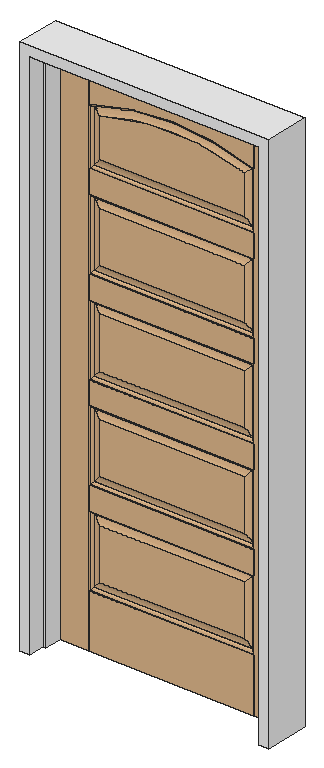
Revit family
Parameters (values of type "1 3/4" Raised Panel")
  URL = "http://www.karonadoor.com"
  Thickness Note = "Do not edit thickness."  # constant formula
  Thickness = 1.774"
  Swing Angle 2D = 90.00°
  SmartBIM Object Version = 1  # constant formula
  SmartBIM Object Created By = "Reed Construction Data"  # constant formula
  Rough Width = 0.000"
  Rough Height = 1.750"
  Panel = Panel_A3050_Karona : 1 3/4" Raised
  Model = "A3050 Ovolo"  # constant formula
  Manufacturer = "Karona , Inc."  # constant formula
  Door Panel = Wood, Cherry - Grain Vertical
  Detail Door Thickness = 1.750"
  Assembly Code = ""
  Top Rail Height = 5.000"
  Top Rail = Wood, Cherry - Grain Horizontal
  Stile Width = 5.063"
  Stile = Wood, Cherry - Grain Vertical
  Sticking = Wood, Cherry - Grain Vertical
  Middle Rail = Wood, Cherry - Grain Horizontal
  Height = 84.000"
  Wall Closure = (empty or 0)
  Width = 36.000"
  Frame = Metal
  Bottom Rail Height = 8.500"
  Bottom Rail = Wood, Cherry - Grain Horizontal
  95 CSI = "08210"  # constant formula
  04 CSI = "08 14 33"  # constant formula
Types (9): name | Thickness | Rough Height | Panel | Door Panel | Detail Door Thickness
  1 3/4" Flat Panel | 1.774" | 1.750" | Panel_A3050_Karona : 1 3/4" - Flat Panel | Wood, Cherry - Grain Vertical | 1.750"
  1 3/8" Flat Panel | 1.334" | 0.000" | Panel_A3050_Karona : 1 3/8" - Flat Panel | Wood, Cherry - Grain Vertical | 1.375"
  2 1/4" Flat Panel | 2.250" | 0.000" | Panel_A3050_Karona : 2 1/4" - Flat Panel | Wood, Cherry - Grain Vertical | 2.250"
  1 3/4" Glass Panel | 1.774" | 1.750" | Panel_A3050_Karona : 1 3/4" - Glass Panel | Glass | 1.750"
  1 3/8" Glass Panel | 1.334" | 0.000" | Panel_A3050_Karona : 1 3/8" - Glass Panel | Glass | 1.375"
  2 1/4" Glass Panel | 2.250" | 0.000" | Panel_A3050_Karona : 2 1/4" - Glass | Glass | 2.250"
  1 3/4" Raised Panel | 1.774" | 1.750" | Panel_A3050_Karona : 1 3/4" Raised | Wood, Cherry - Grain Vertical | 1.750"
  1 3/8" Raised Panel | 1.334" | 0.000" | Panel_A3050_Karona : 1 3/8"Raised | Wood, Cherry - Grain Vertical | 1.375"
  2 1/4" Raised Panel | 2.250" | 0.000" | Panel_A3050_Karona : 2 1/4" Raised | Wood, Cherry - Grain Vertical | 2.250"
Reference planes (in)
  plane 1 "Center (Front/Back)": y = 0
  plane 2 "Center (Left/Right)": x = 0
  plane 3 "Left": x = -18
  plane 4 "Right": x = 18
  plane 5 "Top": z = 84
  plane 6 "Exterior Edge of Frame": y = 2.334
  plane 7 "Interior Edge of Frame": y = -4.666
  plane 8: y = 0.56
  plane 9: y = -2.166
  plane 10 "Opening Left": x = -19.5
  plane 11 "Opening Right": x = 19.5
  plane 12 "Top of Opening": z = 85.5
  plane 13: x = -17.5
Forms (in)
  Sweep 1, solid, material "Metal" <- "Frame"
    path origin (0, 0, 0) x (1, 0, 0) y (0, 0, 1)
      loop
        line (-19.5, 0) -> (-19.5, 85.5) -> (19.5, 85.5) -> (19.5, 0)
    profile origin (-19.5, 0, 42.75) x (-1, 0, 0) y (0, -1, 0)
      loop
        line (0, -2.334) -> (0, 4.666) -> (-1.5, 4.666) -> (-1.5, 2.166) -> (-2, 2.166) -> (-2, -0.56) -> (-1.5, -0.56) -> (-1.5, -2.334) -> (0, -2.334)
Lines and regions (in)
  Opening 1
    outline origin (-90, -4.166, 0) x (1, 0, 0) y (0, 0, 1)
      loop
        line (70.5, 0) -> (109.5, 0) -> (109.5, 85.5) -> (70.5, 85.5) -> (70.5, 0)
  symbolic lines, style "Elevation Swing"
    curve 1: line (18, 1.834, 0) -> (-18, 1.834, 42)
    curve 2: line (-18, 1.834, 42) -> (18, 1.834, 84)
Text (in)
  text "Exterior" at (-46.13199, -14.93641, 0), in view "Ref. Level"
  text "Interior" at (-46.13199, 29.36774, 0), in view "Ref. Level"
  text "Exterior" at (0, 40.15149, 123.01588), in view "Right"
  text "Interior" at (0, -64.39139, 123.01588), in view "Right"
  text "Interior" at (0, -31.01599, 123.00693), in view "Left"
  text "Exterior" at (0, 54.57065, 123.00693), in view "Left"
Dimensions and locks (in)
  "Height": level to plane 5 "Top"
  "Width": plane 3 "Left" to plane 4 "Right"
  equal spacing: host wall, curve 2, plane 5 "Top"
  locked: host wall to plane 7 "Interior Edge of Frame" at 0.5
  locked: plane 6 "Exterior Edge of Frame" to host wall at 0.5
  locked: plane 9 to plane 7 "Interior Edge of Frame" at 2.5
  "Thickness": plane 6 "Exterior Edge of Frame" to plane 8
  equal spacing: plane 3 "Left", plane 2 "Center (Left/Right)", plane 4 "Right"
  locked: plane 4 "Right" to plane 11 "Opening Right" at 1.5
  locked: plane 5 "Top" to plane 12 "Top of Opening" at 1.5
  locked: plane 3 "Left" to plane 13 at 0.5
  locked: plane 10 "Opening Left" to plane 3 "Left" at 1.5
  aligned and locked: Opening 1 sketch curve to level
  aligned and locked: plane 4 "Right" to curve 1
  aligned and locked: plane 3 "Left" to curve 1
  aligned and locked: plane 5 "Top" to curve 2
  aligned and locked: Opening 1 sketch curve to plane 11 "Opening Right"
  aligned and locked: plane 12 "Top of Opening" to Opening 1 sketch curve
  aligned and locked: Opening 1 sketch curve to plane 10 "Opening Left"
  aligned and locked: plane 10 "Opening Left" to Sweep 1 sketch curve
  aligned and locked: plane 12 "Top of Opening" to Sweep 1 sketch curve
  aligned and locked: plane 11 "Opening Right" to Sweep 1 sketch curve
  aligned and locked: level to Sweep 1 sketch curve  (x2)
  aligned and locked: Sweep 1 sketch curve to plane 10 "Opening Left"
  aligned and locked: Sweep 1 sketch curve to plane 6 "Exterior Edge of Frame"
  aligned and locked: Sweep 1 sketch curve to plane 7 "Interior Edge of Frame"
  aligned and locked: Sweep 1 sketch curve to plane 8
  aligned and locked: Sweep 1 sketch curve to plane 9
  aligned and locked: plane 13 to Sweep 1 sketch curve
  aligned and locked: plane 3 "Left" to Sweep 1 sketch curve  (x2)
  aligned and locked: nested 2 to plane 3 "Left"
  aligned and locked: nested 2 to plane 8
  aligned and locked: nested 1 to plane 6 "Exterior Edge of Frame"
Automatic sketch dimensions
  curve 1 to level = 0.000"
  curve 2 to plane 4 "Right" = 0.000"
Nested families (in)
  nested 1: "Panel_A3050_Karona" at (-13.5, 0.45519, -1) x (-1, 0, 0) z (0, 0, 1), type <- "Panel", type "1 3/4" Raised"
  nested 2: "Door Panel Plan View" at (-31.5, 0.56, 0) x (-1, 0, 0) z (0, 0, 1), type "Door Panel Plan View"
    with Thickness 1.750", Height 84.000"
Definition of nested family "Panel_A3050_Karona"
  Parameters (values of type "1 3/4" Raised")
    Width = 36.000"
    Top Rail Material = Wood, Cherry - Grain Horizontal
    Top Rail Height = 5.000"
    Thickness Note = "Do not change door thickness"  # constant formula
    Thickness = 1.774"
    Stile Width = 5.063"
    Stile Material = Wood, Cherry - Grain Vertical
    Sticking Material = Wood, Cherry - Grain Vertical
    Radius Vertical Center = 38.92188" + Top Rail Height  # 43.92188"
    Radius = 33.63672"  # constant formula
    Panel Width = Width - (2 * Stile Width)  # 25.874"
    Panel Height = (Height - (Bottom Rail + Top Rail Height + (4 * Middle Strip Width))) / 5  # 11.200"
    Panel = Glass-Sticking-Assembly-Ovolo_Karona : Raised Panel
    Middle Strip Width = 3.625"
    Height = 84.000"
    Door Panel Material = Wood, Cherry - Grain Vertical
    Default Elevation = 0.000"  # constant formula
    Bottom Rail Material = Wood, Cherry - Grain Horizontal
    Bottom Rail = 8.500"
    Assembly Code = ""
    Arch Panel = Glass-Sticking-Arched-Assembly-Ovolo_Karona : Raised Panel
  Types (9): name | Top Rail Height | Thickness | Radius Vertical Center | Panel Height | Panel | Arch Panel
    1 3/8"Raised | 5.00013" | 1.375" | 43.922" | 11.19998" | Glass-Sticking-Assembly-Ovolo_Karona : Raised Panel | Glass-Sticking-Arched-Assembly-Ovolo_Karona : Raised Panel
    2 1/4" Raised | 5.00013" | 2.250" | 43.922" | 11.19998" | Glass-Sticking-Assembly-Ovolo_Karona : Raised Panel | Glass-Sticking-Arched-Assembly-Ovolo_Karona : Raised Panel
    1 3/4" Raised | 5.000" | 1.774" | 43.92188" | 11.200" | Glass-Sticking-Assembly-Ovolo_Karona : Raised Panel | Glass-Sticking-Arched-Assembly-Ovolo_Karona : Raised Panel
    1 3/8" - Flat Panel | 5.00013" | 1.774" | 43.922" | 11.19998" | Glass-Sticking-Assembly-Ovolo_Karona : Flat Panel | Glass-Sticking-Arched-Assembly-Ovolo_Karona : Glass Panel
    1 3/8" - Glass Panel | 5.00013" | 1.375" | 43.922" | 11.19998" | Glass-Sticking-Assembly-Ovolo_Karona : Glass Panel | Glass-Sticking-Arched-Assembly-Ovolo_Karona : Glass Panel
    1 3/4" - Glass Panel | 5.00013" | 1.750" | 43.922" | 11.19998" | Glass-Sticking-Assembly-Ovolo_Karona : Glass Panel | Glass-Sticking-Arched-Assembly-Ovolo_Karona : Glass Panel
    1 3/4" - Flat Panel | 5.00013" | 1.774" | 43.922" | 11.19998" | Glass-Sticking-Assembly-Ovolo_Karona : Flat Panel | Glass-Sticking-Arched-Assembly-Ovolo_Karona : Glass Panel
    2 1/4" - Glass | 5.00013" | 2.250" | 43.922" | 11.19998" | Glass-Sticking-Assembly-Ovolo_Karona : Glass Panel | Glass-Sticking-Arched-Assembly-Ovolo_Karona : Glass Panel
    2 1/4" - Flat Panel | 5.00013" | 2.250" | 43.922" | 11.19998" | Glass-Sticking-Assembly-Ovolo_Karona : Flat Panel | Glass-Sticking-Arched-Assembly-Ovolo_Karona : Glass Panel
  Reference planes (in)
    plane 1 "Center (Front/Back)": y = 0.99181
    plane 2: z = 1
    plane 3 "Center (Left/Right)": x = -13.5
    plane 4 "Left": x = -31.5
    plane 5: x = 4.5
    plane 6 "Inner Left": x = -26.437
    plane 7: x = -15.3125
    plane 8 "Inner Right": x = -0.563
    plane 9: x = -11.6875
    plane 10: z = 9.5
    plane 11 "Bottom Of Top Rail": z = 80
    plane 12 "Top": z = 85
    plane 13 "Interior Edge of Door": y = 1.87881
    plane 14 "Exterior Edge of Door": y = 0.10481
    plane 15 "Bottom of Glass": y = 0.9095
    plane 16: x = -20.87475
    plane 17: x = -6.12525
    plane 18: z = 66.9875
    plane 19: z = 37.3375
    plane 20: z = 22.5125
    plane 21: z = 65.175
    plane 22: z = 68.8
    plane 23: z = 35.525
    plane 24: z = 39.15
    plane 25: z = 24.325
    plane 26: z = 20.7
    plane 27: z = 53.975
    plane 28: z = 52.1625
    plane 29: z = 50.35
    plane 30 "Radius Vertical Center": z = 41.07812
  Forms (in)
    Extrusion 1, solid, material "Wood, Cherry - Grain Horizontal" <- "Bottom Rail Material"
      sketch origin (0, -101.3125, 8.83203) x (1, 0, 0) y (0, 0, 1)
        loop
          line (-26.437, -7.83203) -> (-0.563, -7.83203) -> (-0.563, 0.66797) -> (-26.437, 0.66797) -> (-26.437, -7.83203)
      from -103.19131 to -101.41731
    Extrusion 2, solid, material "Wood, Cherry - Grain Vertical" <- "Stile Material"
      sketch origin (0, 0.99181, 8.83203) x (1, 0, 0) y (0, 0, 1)
        loop
          line (-31.5, 76.16797) -> (-31.5, -7.83203) -> (-26.437, -7.83203) -> (-26.437, 76.16797) -> (-31.5, 76.16797)
        loop
          line (-0.563, -7.83203) -> (4.5, -7.83203) -> (4.5, 76.16797) -> (-0.563, 76.16797) -> (-0.563, -7.83203)
      from -0.887 to 0.887
    Extrusion 3, solid, material "Wood, Cherry - Grain Horizontal" <- "Bottom Rail Material"
      sketch origin (0, 0.99181, -18.16797) x (1, 0, 0) y (0, 0, 1)
        loop
          line (-26.437, 86.96797) -> (-26.437, 83.34297) -> (-0.563, 83.34297) -> (-0.563, 86.96797) -> (-26.437, 86.96797)
        loop
          line (-26.437, 57.31797) -> (-26.437, 53.69297) -> (-0.563, 53.69297) -> (-0.563, 57.31797) -> (-26.437, 57.31797)
        loop
          line (-26.437, 42.49297) -> (-26.437, 38.86797) -> (-0.563, 38.86797) -> (-0.563, 42.49297) -> (-26.437, 42.49297)
        loop
          line (-0.563, 72.14297) -> (-26.437, 72.14297) -> (-26.437, 68.51797) -> (-0.563, 68.51797) -> (-0.563, 72.14297)
      from -0.887 to 0.887
    Extrusion 4, solid, material "Wood, Cherry - Grain Horizontal" <- "Top Rail Material"
      sketch origin (0, 0.99181, 0) x (1, 0, 0) y (0, 0, 1)
        loop
          line (-26.437, 85) -> (-26.437, 77.78834)
          arc (-26.437, 77.78834) -> (-13.5, 80.0012) -> (-0.563, 77.78834) r 38.92308
          line (-0.563, 77.78834) -> (-0.563, 85) -> (-26.437, 85)
      from -0.887 to 0.887
  Lines and regions (in)
    symbolic lines, style "InvisibleLines"
      curve 1: line (-13.5, 1.87881, 85) -> (-13.5, 0.10481, 85)
  Text (in)
    text "EXTERIOR" at (-34.59289, -1.27941, 0), in view "Ref. Level"
    text "EXTERIOR" at (0, -9.65287, 72.76687), in view "Left"
    text "EXTERIOR" at (0, -33.33473, 96.68074), in view "Right"
  Dimensions and locks (in)
    equal spacing: plane 4 "Left", plane 3 "Center (Left/Right)", plane 5
    "Width": plane 4 "Left" to plane 5
    "Stile Width": plane 4 "Left" to plane 6 "Inner Left"
    "Stile Width": plane 5 to plane 8 "Inner Right"
    "Middle Strip Width": plane 9 to plane 7
    equal spacing: plane 9, plane 3 "Center (Left/Right)", plane 7
    "Bottom Rail": plane 10 to plane 2
    "Top Rail Height": plane 12 "Top" to plane 11 "Bottom Of Top Rail"
    "Height": plane 12 "Top" to plane 2
    equal spacing: plane 13 "Interior Edge of Door", plane 1 "Center (Front/Back)", plane 14 "Exterior Edge of Door"
    "Thickness": plane 13 "Interior Edge of Door" to plane 14 "Exterior Edge of Door"
    locked: plane 15 "Bottom of Glass" to plane 14 "Exterior Edge of Door" at 0.80469
    equal spacing: plane 7, plane 16, plane 6 "Inner Left"
    equal spacing: plane 8 "Inner Right", plane 17, plane 9
    equal spacing: plane 25, plane 20, plane 26
    "Middle Strip Width": plane 25 to plane 26
    equal spacing: plane 24, plane 19, plane 23
    "Middle Strip Width": plane 24 to plane 23
    equal spacing: plane 22, plane 18, plane 21
    "Middle Strip Width": plane 22 to plane 21
    "Panel Height": plane 11 "Bottom Of Top Rail" to plane 22
    "Panel Height": plane 23 to plane 25
    equal spacing: plane 27, plane 28, plane 29
    "Panel Height": plane 29 to plane 24
    "Middle Strip Width": plane 27 to plane 29
    "Panel Height": plane 21 to plane 27
    "Radius Vertical Center": plane 12 "Top" to plane 30 "Radius Vertical Center"
    plane 26 to plane 10 = 11.200"
    radius of Extrusion 4 sketch curve = 38.92308"
    aligned and locked: Extrusion 1 to plane 2
    aligned and locked: plane 13 "Interior Edge of Door" to Extrusion 1
    aligned and locked: plane 4 "Left" to Extrusion 2 sketch curve
    aligned and locked: Extrusion 2 sketch curve to plane 12 "Top"
    aligned and locked: Extrusion 2 sketch curve to Extrusion 1  (x3)
    aligned and locked: Extrusion 1 to Extrusion 2 sketch curve
    aligned and locked: plane 12 "Top" to Extrusion 2 sketch curve
    aligned and locked: plane 5 to Extrusion 2 sketch curve
    aligned and locked: plane 13 "Interior Edge of Door" to Extrusion 2
    aligned and locked: Extrusion 2 to plane 14 "Exterior Edge of Door"
    aligned and locked: Extrusion 1 to Extrusion 2
    aligned and locked: Extrusion 2 to plane 8 "Inner Right"
    aligned and locked: plane 22 to Extrusion 3 sketch curve
    aligned and locked: plane 21 to Extrusion 3 sketch curve
    aligned and locked: Extrusion 3 sketch curve to plane 8 "Inner Right"
    aligned and locked: plane 6 "Inner Left" to Extrusion 3 sketch curve  (x3)
    aligned and locked: plane 24 to Extrusion 3 sketch curve
    aligned and locked: Extrusion 2 to Extrusion 3 sketch curve  (x2)
    aligned and locked: plane 23 to Extrusion 3 sketch curve
    aligned and locked: plane 25 to Extrusion 3 sketch curve
    aligned and locked: plane 26 to Extrusion 3 sketch curve
    aligned and locked: plane 13 "Interior Edge of Door" to Extrusion 3
    aligned and locked: Extrusion 3 to plane 14 "Exterior Edge of Door"
    aligned and locked: level to plane 2
    aligned and locked: Extrusion 3 to plane 25
    aligned and locked: plane 25 to nested 1
    aligned and locked: plane 3 "Center (Left/Right)" to nested 2
    aligned and locked: plane 3 "Center (Left/Right)" to nested 1
    aligned and locked: curve 1 to Extrusion 1
    aligned and locked: curve 1 to plane 3 "Center (Left/Right)"
    aligned and locked: Extrusion 3 to plane 6 "Inner Left"
    aligned and locked: plane 8 "Inner Right" to Extrusion 3 sketch curve
    aligned and locked: plane 27 to Extrusion 3 sketch curve
    aligned and locked: Extrusion 3 to plane 21
    aligned and locked: Extrusion 3 to plane 29
    aligned and locked: plane 27 to Extrusion 3
    aligned and locked: Extrusion 3 to plane 22
    aligned and locked: plane 3 "Center (Left/Right)" to nested 3
    aligned and locked: plane 5 to Extrusion 2
    aligned and locked: Extrusion 2 to level  (x2)
    aligned and locked: Extrusion 1 to level
    aligned and locked: plane 4 "Left" to Extrusion 2
    aligned and locked: plane 12 "Top" to Extrusion 2  (x2)
    aligned and locked: Extrusion 4 sketch curve to plane 12 "Top"
    aligned and locked: Extrusion 4 sketch curve to plane 8 "Inner Right"
    aligned and locked: Extrusion 4 sketch curve to plane 6 "Inner Left"
    aligned and locked: plane 30 "Radius Vertical Center" to Extrusion 4 sketch curve
    aligned and locked: plane 3 "Center (Left/Right)" to Extrusion 4 sketch curve
    aligned and locked: plane 13 "Interior Edge of Door" to Extrusion 4
    aligned and locked: Extrusion 4 to plane 14 "Exterior Edge of Door"
    aligned and locked: nested 4 to plane 10
    aligned and locked: plane 3 "Center (Left/Right)" to nested 4
    aligned and locked: plane 24 to nested 2
    aligned and locked: nested 3 to plane 27
    aligned and locked: nested 3 to nested 2
    aligned and locked: nested 4 to plane 1 "Center (Front/Back)"
    aligned and locked: nested 1 to plane 1 "Center (Front/Back)"
    aligned and locked: nested 2 to plane 1 "Center (Front/Back)"
    aligned and locked: plane 3 "Center (Left/Right)" to nested 5
    aligned and locked: plane 22 to nested 5
    aligned and locked: nested 5 to plane 1 "Center (Front/Back)"
  Automatic sketch dimensions
    Extrusion 1 sketch curve to plane 6 "Inner Left" = 0.000"
    Extrusion 1 sketch curve to plane 8 "Inner Right" = 0.000"
    Extrusion 1 sketch curve to level = 0.000"
    Extrusion 1 sketch curve to plane 10 = 0.000"
    Extrusion 3 sketch curve to plane 6 "Inner Left" = 0.000"
    Extrusion 3 sketch curve to plane 29 = 0.000"
    curve 1 to plane 14 "Exterior Edge of Door" = 0.000"
  Nested families (in)
    nested 1: "Glass-Sticking-Assembly-Ovolo_Karona" at (-13.96875, 1.14231, 24.325), Width <- "Panel Width", Height <- "Panel Height", type <- "Panel", type "Raised Panel"
      with Width 25.874", Height 11.200"
    nested 2: "Glass-Sticking-Assembly-Ovolo_Karona" at (-13.96875, 1.14231, 39.15), Width <- "Panel Width", Height <- "Panel Height", type <- "Panel", type "Raised Panel"
      with Width 25.874", Height 11.200"
    nested 3: "Glass-Sticking-Assembly-Ovolo_Karona" at (-13.96875, 1.14231, 53.975), Width <- "Panel Width", Height <- "Panel Height", type <- "Panel", type "Raised Panel"
      with Width 25.874", Height 11.200"
    nested 4: "Glass-Sticking-Assembly-Ovolo_Karona" at (-13.96875, 1.14231, 9.5), Width <- "Panel Width", Height <- "Panel Height", type <- "Panel", type "Raised Panel"
      with Width 25.874", Height 11.200"
    nested 5: "Glass-Sticking-Arched-Assembly-Ovolo_Karona" at (-13.96875, 1.14231, 68.8), Height <- "Panel Height", Width <- "Panel Width", type <- "Arch Panel", type "Raised Panel"
      with Width 25.874", Radius 38.922", Height 11.200", Drop 2.21293", Curve Adjustment 38.922"
  Definition of nested family "Glass-Sticking-Assembly-Ovolo_Karona"
    Parameters (values of type "Raised Panel")
      Width [instance] = 4.000"
      Vertical Profile Offset = if(Glass Panel, 0.473", 0.050")  # 0.050"
      Stop Adjustment = if(and(not(Glass Panel), Door Thickness = 1.774"), 0.513", if(and(not(Glass Panel), Door Thickness = 2.250"), 0.513", if((Glass Panel), 0.125", 0.273")))  # 0.513"
      Profile = Wood, Cherry - Grain Vertical
      Height [instance] = 23.000"
      Raised Panel = yes
      Interior Panel = Wood, Cherry - Grain Vertical
      Glass Panel = no
      Door Thickness = 1.774"
      C = if(Door Thickness = 1.774", 0.197", if(Door Thickness = 2.250", 0.437", 0.106"))  # 0.197"
      B = if(Door Thickness = 1.774", 0.567", if(Door Thickness = 2.250", 0.803", 0.469"))  # 0.567"
      Assembly Code = ""
      A = if(Door Thickness = 1.774", 0.195", if(Door Thickness = 2.250", 0.431", 0.108"))  # 0.195"
    Types (3): name | Width | Vertical Profile Offset | Stop Adjustment | Raised Panel | Glass Panel
      Glass Panel | 5.000" | 0.473" | 0.125" | no | yes
      Flat Panel | 4.500" | 0.050" | 0.513" | no | no
      Raised Panel | 4.000" | 0.050" | 0.513" | yes | no
    Reference planes (in)
      plane 1 "Stop Adjustment Edge": y = -0.3455
      plane 2: z = 0
      plane 3 "Center (Left/Right)": x = 0.46875
      plane 4 "Back": y = 0.7365
      plane 5 "Front": y = -1.0375
      plane 6 "Left": x = -1.53125
      plane 7 "Right": x = 2.46875
      plane 8 "Top": z = 23
      plane 9 "Center (Up/Down)": z = 11.5
      plane 10 "Bottom of Stop": y = 0.1675
      plane 11 "Bottom of Glass": y = -0.4705
      plane 12 "Right Edge of Glass": x = 2.41875
      plane 13 "Left Edge of Glass": x = -1.48125
      plane 14 "Top Edge of Glass": z = 22.90625
      plane 15 "Bottom Edge of Glass": z = 0.09375
      plane 16: x = 2.34375
      plane 17 "A": y = -0.8425
      plane 18 "C": y = 0.5395
      plane 19 "Bottom Cut Line": z = 0.438
      plane 20 "Top Cut Line": z = 22.562
      plane 21 "Cut Vertical Left": x = -1.09325
      plane 22 "Cut Vertical": x = 2.03075
      plane 23 "Center (Front/Back)": y = -0.1505
    Forms (in)
      Sweep 1, solid, material "Wood, Cherry - Grain Vertical" <- "Profile"
        path origin (0, -0.3455, 0) x (1, 0, 0) y (0, 0, 1)
          loop
            line (2.46875, 23) -> (-1.53125, 23) -> (-1.53125, 0) -> (2.46875, 0) -> (2.46875, 23)
        profile origin (2.46875, -0.3455, 11.5) x (0, -1, 0) y (1, 0, 0)
          loop
            line (-0.885, 0) -> (-0.885, -0.438) -> (-0.513, -0.438) -> (-0.513, -0.05) -> (0.125, -0.05) -> (0.125, -0.44588)
            arc (0.125, -0.44588) -> (0.40126, -0.29929) -> (0.492, 0) r 0.40707
            line (0.492, 0) -> (-0.885, 0)
      Extrusion 2, solid, material "Wood, Cherry - Grain Vertical" <- "Interior Panel"
        sketch origin (0, 0, 0) x (1, 0, 0) y (0, 1, 0)
          loop
            line (-1.48125, 0.1675) -> (-1.48125, -0.4705) -> (2.41875, -0.4705) -> (2.41875, 0.1675) -> (-1.48125, 0.1675)
        from 0.09375 to 22.90625
      Extrusion 3, solid, material "Wood, Cherry - Grain Vertical" <- "Profile", visible <- "Raised Panel"
        sketch origin (0, 0, 0) x (1, 0, 0) y (0, 1, 0)
          loop
            line (2.03075, 0.5395) -> (-1.09325, 0.5395) -> (-1.09325, 0.1675) -> (2.03075, 0.1675) -> (2.03075, 0.5395)
          loop
            line (-1.09325, -0.4705) -> (-1.09325, -0.8425) -> (2.03075, -0.8425) -> (2.03075, -0.4705) -> (-1.09325, -0.4705)
        from 0.438 to 22.562
      Sweep 4, void
        path origin (0, 0.1675, 0) x (-1, 0, 0) y (0, 0, 1)
          loop
            line (1.53125, 0) -> (1.53125, 23) -> (-2.46875, 23) -> (-2.46875, 0) -> (1.53125, 0)
        profile "Profile : 05" origin (-1.53125, 0.1675, 11.5) x (1, 0, 0) y (0, 1, 0)
          loop
            line (0, 0.05) -> (0.36169, 0.05096)
            arc (0.36169, 0.05096) -> (1.01257, 0.13642) -> (1.61934, 0.387) r 2.52143
            line (1.61934, 0.387) -> (0, 0.387) -> (0, 0.05)
      Sweep 5, void
        path origin (0, -0.4705, 0) x (-1, 0, 0) y (0, 0, 1)
          loop
            line (-2.46875, 23) -> (-2.46875, 0) -> (1.53125, 0) -> (1.53125, 23) -> (-2.46875, 23)
        profile "Profile : 05" origin (2.46875, -0.4705, 11.5) x (-1, 0, 0) y (0, 1, 0)
          loop
            line (0, -0.05) -> (0, -0.387) -> (1.61934, -0.387)
            arc (1.61934, -0.387) -> (1.01257, -0.13642) -> (0.36169, -0.05096) r 2.52143
            line (0.36169, -0.05096) -> (0, -0.05)
      Sweep 6, void
        path origin (0, 0.5395, 0) x (1, 0, 0) y (0, 0, 1)
          loop
            line (-1.09325, 0.438) -> (2.03075, 0.438) -> (2.03075, 22.562) -> (-1.09325, 22.562) -> (-1.09325, 0.438)
        profile "QuarterCircleCut : QuarterCircleCut" origin (2.03075, 0.5395, 11.5) x (-1, 0, 0) y (0, -1, 0)
          loop
            arc (0.35, 0) -> (0.10251, 0.10251) -> (0, 0.35) r 0.35
            line (0, 0.35) -> (0, 0) -> (0.35, 0)
    Cuts and joins
      Sweep 4, Sweep 5 cuts Extrusion 3
      Sweep 6 cuts Sweep 1
    Text (in)
      text "INTERIOR" at (-14.3788, 3.49864, 0), in view "Ref. Level"
    Dimensions and locks (in)
      equal spacing: plane 6 "Left", plane 3 "Center (Left/Right)", plane 7 "Right"
      "Width": plane 6 "Left" to plane 7 "Right"
      "Door Thickness": plane 4 "Back" to plane 5 "Front"
      "Height": plane 8 "Top" to plane 2
      equal spacing: plane 8 "Top", plane 9 "Center (Up/Down)", level
      locked: plane 1 "Stop Adjustment Edge" to plane 11 "Bottom of Glass" at 0.125
      "Stop Adjustment": plane 10 "Bottom of Stop" to plane 1 "Stop Adjustment Edge"
      locked: plane 12 "Right Edge of Glass" to plane 7 "Right" at 0.05
      locked: plane 8 "Top" to plane 14 "Top Edge of Glass" at 0.09375
      locked: plane 15 "Bottom Edge of Glass" to level at 0.09375
      locked: plane 6 "Left" to plane 13 "Left Edge of Glass" at 0.05
      "B": plane 5 "Front" to plane 11 "Bottom of Glass"
      locked: plane 16 to plane 7 "Right" at 0.125
      "A": plane 5 "Front" to plane 17 "A"
      "C": plane 18 "C" to plane 4 "Back"
      plane 4 "Back" to Sweep 1 = 0.569"
      locked: plane 19 "Bottom Cut Line" to level at 0.438
      locked: plane 8 "Top" to plane 20 "Top Cut Line" at 0.438
      locked: plane 6 "Left" to plane 21 "Cut Vertical Left" at 0.438
      locked: plane 22 "Cut Vertical" to plane 7 "Right" at 0.438
      equal spacing: plane 4 "Back", plane 23 "Center (Front/Back)", plane 5 "Front"
      aligned and locked: Sweep 1 sketch curve to plane 7 "Right"
      aligned and locked: Sweep 1 sketch curve to plane 8 "Top"
      aligned and locked: Sweep 1 sketch curve to plane 6 "Left"
      aligned and locked: Sweep 1 sketch curve to level
      aligned and locked: plane 10 "Bottom of Stop" to Sweep 1 sketch curve
      aligned and locked: plane 11 "Bottom of Glass" to Sweep 1 sketch curve
      aligned and locked: Extrusion 2 sketch curve to plane 13 "Left Edge of Glass"
      aligned and locked: Extrusion 2 sketch curve to plane 10 "Bottom of Stop"
      aligned and locked: Extrusion 2 sketch curve to plane 11 "Bottom of Glass"
      aligned and locked: Extrusion 2 sketch curve to plane 12 "Right Edge of Glass"
      aligned and locked: plane 14 "Top Edge of Glass" to Extrusion 2
      aligned and locked: Extrusion 2 to plane 15 "Bottom Edge of Glass"
      aligned and locked: Extrusion 3 sketch curve to plane 18 "C"
      aligned and locked: Extrusion 3 sketch curve to plane 10 "Bottom of Stop"
      aligned and locked: Extrusion 3 sketch curve to plane 11 "Bottom of Glass"
      aligned and locked: Extrusion 3 sketch curve to plane 17 "A"
      aligned and locked: Extrusion 3 to plane 19 "Bottom Cut Line"
      aligned and locked: Extrusion 3 to plane 20 "Top Cut Line"
      aligned and locked: plane 12 "Right Edge of Glass" to Sweep 1 sketch curve
      aligned and locked: plane 22 "Cut Vertical" to Extrusion 3 sketch curve  (x2)
      aligned and locked: Extrusion 3 sketch curve to plane 21 "Cut Vertical Left"  (x2)
      aligned and locked: plane 22 "Cut Vertical" to Sweep 1 sketch curve
      aligned and locked: Sweep 5 sketch curve to plane 6 "Left"
      aligned and locked: plane 8 "Top" to Sweep 5 sketch curve
      aligned and locked: Sweep 5 sketch curve to plane 7 "Right"
      aligned and locked: level to Sweep 5 sketch curve
      aligned and locked: Sweep 4 sketch curve to plane 7 "Right"
      aligned and locked: plane 8 "Top" to Sweep 4 sketch curve
      aligned and locked: Sweep 4 sketch curve to plane 6 "Left"
      aligned and locked: level to Sweep 4 sketch curve
      aligned and locked: plane 18 "C" to Sweep 1 sketch curve
      aligned and locked: Sweep 6 sketch curve to plane 21 "Cut Vertical Left"
      aligned and locked: plane 22 "Cut Vertical" to Sweep 6 sketch curve
      aligned and locked: Sweep 6 sketch curve to plane 19 "Bottom Cut Line"
      aligned and locked: plane 20 "Top Cut Line" to Sweep 6 sketch curve
    Automatic sketch dimensions
      Sweep 1 sketch curve to Sweep 1 sketch curve = 0.03804"
      Sweep 1 sketch curve to Sweep 1 sketch curve = 0.367"
      plane 16 to Sweep 1 sketch curve = 0.32088"
      Sweep 1 sketch curve to profile plane = 0.000"
  Definition of nested family "Glass-Sticking-Arched-Assembly-Ovolo_Karona"
    Parameters (values of type "Flat Panel")
      Width [instance] = 25.000"
      Vertical Profile Offset = if(Glass Panel, 0.473", 0.050")  # 0.050"
      Stop Adjustment = if(and(not(Glass Panel), Door Thickness = 1.774"), 0.513", if(and(not(Glass Panel), Door Thickness = 2.250"), 0.513", if((Glass Panel), 0.125", 0.273")))  # 0.513"
      Radius [instance] = 38.922"  # constant formula
      Profile = Wood, Cherry - Grain Vertical
      Height [instance] = 17.875"
      Raised Panel = no
      Interior Panel = Wood, Cherry - Grain Vertical
      Glass Panel = no
      Drop [instance] = Radius - (sqrt((Radius ^ 2) - ((0.5 * Width) ^ 2)))  # 2.06183"
      Door Thickness = 2.250"
      Curve Adjustment [instance] = Height - (Height - Radius)  # 38.922"
      C = if(Door Thickness = 1.774", 0.197", if(Door Thickness = 2.250", 0.437", 0.106"))  # 0.437"
      B = if(Door Thickness = 1.774", 0.567", if(Door Thickness = 2.250", 0.803", 0.469"))  # 0.803"
      Assembly Code = ""
      A = if(Door Thickness = 1.774", 0.195", if(Door Thickness = 2.250", 0.431", 0.108"))  # 0.431"
    Types (3): name | Width | Vertical Profile Offset | Stop Adjustment | Raised Panel | Glass Panel | Drop | Door Thickness | C | B | A
      Glass Panel | 19.000" | 0.473" | 0.125" | no | yes | 1.17717" | 1.774" | 0.197" | 0.567" | 0.195"
      Flat Panel | 25.000" | 0.050" | 0.513" | no | no | 2.06183" | 2.250" | 0.437" | 0.803" | 0.431"
      Raised Panel | 19.000" | 0.050" | 0.513" | yes | no | 1.17717" | 1.774" | 0.197" | 0.567" | 0.195"
    Reference planes (in)
      plane 1 "Stop Adjustment Edge": y = -0.3455
      plane 2: z = 0
      plane 3 "Center (Left/Right)": x = 0.46875
      plane 4 "Back": y = 0.9765
      plane 5 "Front": y = -1.2735
      plane 6 "Left": x = -12.03125
      plane 7 "Right": x = 12.96875
      plane 8 "Top": z = 17.875
      plane 9 "Center (Up/Down)": z = 8.9375
      plane 10 "Bottom of Stop": y = 0.1675
      plane 11 "Bottom of Glass": y = -0.4705
      plane 12 "Right Edge of Glass": x = 12.91875
      plane 13 "Left Edge of Glass": x = -11.98125
      plane 14 "Top Edge of Glass": z = 17.78125
      plane 15 "Bottom Edge of Glass": z = 0.09375
      plane 16: x = 12.84375
      plane 17 "A": y = -0.8425
      plane 18 "C": y = 0.5395
      plane 19 "Bottom Cut Line": z = 0.438
      plane 20 "Top Cut Line": z = 17.437
      plane 21 "Cut Vertical Left": x = -11.59325
      plane 22 "Cut Vertical": x = 12.53075
      plane 23 "Center (Front/Back)": y = -0.1485
      plane 24: z = 18.875
      plane 25 "Drop": z = 15.81317
      plane 26: z = -8
      plane 27: z = -21.047
    Forms (in)
      Sweep 1, solid, material "Wood, Cherry - Grain Vertical" <- "Profile"
        path origin (0, -0.3455, 0) x (1, 0, 0) y (0, 0, 1)
          loop
            arc (12.96875, 15.81317) -> (0.46875, 17.875) -> (-12.03125, 15.81317) r 38.922
            line (-12.03125, 15.81317) -> (-12.03125, 0) -> (12.96875, 0) -> (12.96875, 15.81317)
        profile origin (12.96875, -0.3455, 7.90658) x (0, -1, 0) y (1, 0, 0)
          loop
            line (-0.885, 0) -> (-0.885, -0.438) -> (-0.513, -0.438) -> (-0.513, -0.05) -> (0.125, -0.05) -> (0.125, -0.44588)
            arc (0.125, -0.44588) -> (0.40126, -0.29929) -> (0.492, 0) r 0.40707
            line (0.492, 0) -> (-0.885, 0)
      Extrusion 2, solid, material "Wood, Cherry - Grain Vertical" <- "Interior Panel"
        sketch origin (0, 0, 0) x (1, 0, 0) y (0, 1, 0)
          loop
            line (-11.98125, 0.1675) -> (-11.98125, -0.4705) -> (12.91875, -0.4705) -> (12.91875, 0.1675) -> (-11.98125, 0.1675)
        from 0.09375 to 17.78125
      Extrusion 3, solid, material "Wood, Cherry - Grain Vertical" <- "Profile", visible <- "Raised Panel"
        sketch origin (0, 0, 0) x (1, 0, 0) y (0, 1, 0)
          loop
            line (12.53075, 0.5395) -> (-11.59325, 0.5395) -> (-11.59325, 0.1675) -> (12.53075, 0.1675) -> (12.53075, 0.5395)
          loop
            line (-11.59325, -0.4705) -> (-11.59325, -0.8425) -> (12.53075, -0.8425) -> (12.53075, -0.4705) -> (-11.59325, -0.4705)
        from 0.438 to 17.437
      Sweep 4, void
        path origin (0, 0.1675, 0) x (-1, 0, 0) y (0, 0, 1)
          loop
            line (12.03125, 0) -> (12.03125, 15.81317)
            arc (12.03125, 15.81317) -> (-0.46875, 17.875) -> (-12.96875, 15.81317) r 38.922
            line (-12.96875, 15.81317) -> (-12.96875, 0) -> (12.03125, 0)
        profile "Profile : 05" origin (-12.03125, 0.1675, 7.90658) x (1, 0, 0) y (0, 1, 0)
          loop
            line (0, 0.05) -> (0.36169, 0.05096)
            arc (0.36169, 0.05096) -> (1.01257, 0.13642) -> (1.61934, 0.387) r 2.52143
            line (1.61934, 0.387) -> (0, 0.387) -> (0, 0.05)
      Sweep 5, void
        path origin (0, -0.4705, 0) x (-1, 0, 0) y (0, 0, 1)
          loop
            line (-12.96875, 15.81317) -> (-12.96875, 0) -> (12.03125, 0) -> (12.03125, 15.81317)
            arc (12.03125, 15.81317) -> (-0.46875, 17.875) -> (-12.96875, 15.81317) r 38.922
        profile "Profile : 05" origin (12.96875, -0.4705, 7.90658) x (-1, 0, 0) y (0, 1, 0)
          loop
            line (0, -0.05) -> (0, -0.387) -> (1.61934, -0.387)
            arc (1.61934, -0.387) -> (1.01257, -0.13642) -> (0.36169, -0.05096) r 2.52143
            line (0.36169, -0.05096) -> (0, -0.05)
      Sweep 6, void
        path origin (0, 0.5395, 0) x (1, 0, 0) y (0, 0, 1)
          loop
            line (-11.59325, 0.438) -> (12.53075, 0.438) -> (12.53075, 15.52024)
            arc (12.53075, 15.52024) -> (0.46875, 17.42585) -> (-11.59325, 15.52024) r 39.12743
            line (-11.59325, 15.52024) -> (-11.59325, 0.438)
        profile "QuarterCircleCut : QuarterCircleCut" origin (-11.59325, 0.5395, 7.97912) x (-1, 0, 0) y (0, -1, 0)
          loop
            arc (0.35, -0.01) -> (0.10251, 0.09251) -> (0, 0.34) r 0.35
            line (0, 0.34) -> (0, -0.01) -> (0.35, -0.01)
      Extrusion 7, void
        sketch origin (-11.98125, -0.4705, 0) x (-1, 0, 0) y (0, 0, 1)
          loop
            line (0.05, 18.875) -> (-24.95, 18.875) -> (-24.95, 15.81317)
            arc (-24.95, 15.81317) -> (-12.45, 17.875) -> (0.05, 15.81317) r 38.922
            line (0.05, 15.81317) -> (0.05, 18.875)
        from -0.803 to 1.447
    Cuts and joins
      Sweep 4, Sweep 5, Extrusion 7 cuts Extrusion 3
      Extrusion 7 cuts Sweep 1
      Extrusion 7 cuts Extrusion 2
    Text (in)
      text "INTERIOR" at (-14.3788, 3.49864, 0), in view "Ref. Level"
    Dimensions and locks (in)
      equal spacing: plane 6 "Left", plane 3 "Center (Left/Right)", plane 7 "Right"
      "Width": plane 6 "Left" to plane 7 "Right"
      "Door Thickness": plane 4 "Back" to plane 5 "Front"
      "Height": plane 8 "Top" to plane 2
      equal spacing: plane 8 "Top", plane 9 "Center (Up/Down)", level
      locked: plane 1 "Stop Adjustment Edge" to plane 11 "Bottom of Glass" at 0.125
      "Stop Adjustment": plane 10 "Bottom of Stop" to plane 1 "Stop Adjustment Edge"
      locked: plane 12 "Right Edge of Glass" to plane 7 "Right" at 0.05
      locked: plane 8 "Top" to plane 14 "Top Edge of Glass" at 0.09375
      locked: plane 15 "Bottom Edge of Glass" to level at 0.09375
      locked: plane 6 "Left" to plane 13 "Left Edge of Glass" at 0.05
      "B": plane 5 "Front" to plane 11 "Bottom of Glass"
      locked: plane 16 to plane 7 "Right" at 0.125
      "A": plane 5 "Front" to plane 17 "A"
      "C": plane 18 "C" to plane 4 "Back"
      plane 4 "Back" to Sweep 1 = 0.809"
      locked: plane 19 "Bottom Cut Line" to level at 0.438
      locked: plane 8 "Top" to plane 20 "Top Cut Line" at 0.438
      locked: plane 6 "Left" to plane 21 "Cut Vertical Left" at 0.438
      locked: plane 22 "Cut Vertical" to plane 7 "Right" at 0.438
      equal spacing: plane 4 "Back", plane 23 "Center (Front/Back)", plane 5 "Front"
      locked: plane 24 to plane 8 "Top" at 1
      "Drop": plane 8 "Top" to plane 25 "Drop"
      "Curve Adjustment": plane 8 "Top" to plane 27
      "Radius": radius of Sweep 1 sketch curve
      "Radius": radius of Sweep 4 sketch curve
      "Radius": radius of Extrusion 7 sketch curve
      aligned and locked: Sweep 1 sketch curve to plane 7 "Right"
      aligned and locked: Sweep 1 sketch curve to level
      aligned and locked: plane 10 "Bottom of Stop" to Sweep 1 sketch curve
      aligned and locked: plane 11 "Bottom of Glass" to Sweep 1 sketch curve
      aligned and locked: Extrusion 2 sketch curve to plane 13 "Left Edge of Glass"
      aligned and locked: Extrusion 2 sketch curve to plane 10 "Bottom of Stop"
      aligned and locked: Extrusion 2 sketch curve to plane 11 "Bottom of Glass"
      aligned and locked: Extrusion 2 sketch curve to plane 12 "Right Edge of Glass"
      aligned and locked: plane 14 "Top Edge of Glass" to Extrusion 2
      aligned and locked: Extrusion 2 to plane 15 "Bottom Edge of Glass"
      aligned and locked: Extrusion 3 sketch curve to plane 18 "C"
      aligned and locked: Extrusion 3 sketch curve to plane 10 "Bottom of Stop"
      aligned and locked: Extrusion 3 sketch curve to plane 11 "Bottom of Glass"
      aligned and locked: Extrusion 3 sketch curve to plane 17 "A"
      aligned and locked: Extrusion 3 to plane 19 "Bottom Cut Line"
      aligned and locked: Extrusion 3 to plane 20 "Top Cut Line"
      aligned and locked: plane 12 "Right Edge of Glass" to Sweep 1 sketch curve
      aligned and locked: plane 22 "Cut Vertical" to Extrusion 3 sketch curve  (x2)
      aligned and locked: Extrusion 3 sketch curve to plane 21 "Cut Vertical Left"  (x2)
      aligned and locked: plane 22 "Cut Vertical" to Sweep 1 sketch curve
      aligned and locked: Sweep 5 sketch curve to plane 6 "Left"
      aligned and locked: level to Sweep 5 sketch curve
      aligned and locked: Sweep 4 sketch curve to plane 7 "Right"
      aligned and locked: Sweep 4 sketch curve to plane 6 "Left"
      aligned and locked: level to Sweep 4 sketch curve
      aligned and locked: Sweep 1 sketch curve to plane 18 "C"
      aligned and locked: Sweep 6 sketch curve to plane 21 "Cut Vertical Left"
      aligned and locked: plane 22 "Cut Vertical" to Sweep 6 sketch curve  (x2)
      aligned and locked: Sweep 6 sketch curve to plane 19 "Bottom Cut Line"
      aligned and locked: plane 25 "Drop" to Sweep 1 sketch curve  (x2)
      aligned and locked: plane 6 "Left" to Sweep 1 sketch curve
      aligned and locked: plane 7 "Right" to Sweep 1 sketch curve
      aligned and locked: Extrusion 7 sketch curve to plane 6 "Left"
      aligned and locked: Extrusion 7 sketch curve to plane 24
      aligned and locked: plane 7 "Right" to Extrusion 7 sketch curve
      aligned and locked: Extrusion 7 to plane 5 "Front"
      aligned and locked: plane 4 "Back" to Extrusion 7
      aligned and locked: plane 6 "Left" to Sweep 4 sketch curve
      aligned and locked: plane 25 "Drop" to Sweep 4 sketch curve  (x2)
      aligned and locked: plane 7 "Right" to Sweep 4 sketch curve
      aligned and locked: plane 25 "Drop" to Extrusion 7 sketch curve  (x2)
      aligned and locked: plane 7 "Right" to Sweep 5 sketch curve
      aligned and locked: plane 25 "Drop" to Sweep 5 sketch curve  (x2)
    Automatic sketch dimensions
      Sweep 1 sketch curve to Sweep 1 sketch curve = 0.03804"
      Sweep 1 sketch curve to Sweep 1 sketch curve = 0.367"
      plane 16 to Sweep 1 sketch curve = 0.32088"
      Sweep 1 sketch curve to profile plane = 0.000"
      Sweep 6 sketch curve to plane 3 "Center (Left/Right)" = 0.000"
      Sweep 6 sketch curve to plane 25 "Drop" = 0.29293"
      Sweep 6 sketch curve to plane 27 = 0.65458"
      Sweep 5 sketch curve to plane 27 = 0.000"
      Extrusion 2 to Extrusion 7 sketch curve = 1.09375"
Definition of nested family "Door Panel Plan View"
  Parameters (values of type "Door Panel Plan View")
    Width = 36.000"
    Thickness = 2.000"
    Swing Angle 2D = 90.00°
    Height = 0.000"
    Assembly Code = ""
  Reference planes (in)
    plane 1 "Center (Front/Back)": y = 0
    plane 2: z = 0
    plane 3 "Center (Left/Right)": x = -13.5
  Lines and regions (in)
    symbolic lines, style "DoorsPanelProjection"
      curve 1: line (-13.5, 0, 0) -> (-13.5, 36, 0)
      curve 2: line (-15.5, 0, 0) -> (-15.5, 36, 0)
      curve 3: line (-13.5, 0, 0) -> (-15.5, 0, 0)
      curve 4: line (-13.5, 36, 0) -> (-15.5, 36, 0)
    symbolic lines, style "Plan Swing"
      curve 5: arc (-13.5, 36, 0) -> (-38.95584, 25.45584, 0) -> (-49.5, 0, 0) r 36
  Dimensions and locks (in)
    "Width": curve 4 to curve 3
    "Thickness": curve 1 to curve 2
    "Swing Angle 2D": angle curve 1 to plane 1 "Center (Front/Back)"
    aligned and locked: plane 1 "Center (Front/Back)" to curve 5
  Automatic sketch dimensions
    curve 3 to plane 1 "Center (Front/Back)" = 0.000"
    curve 5 to plane 3 "Center (Left/Right)" = 0.000"
    curve 3 to plane 3 "Center (Left/Right)" = 0.000"
